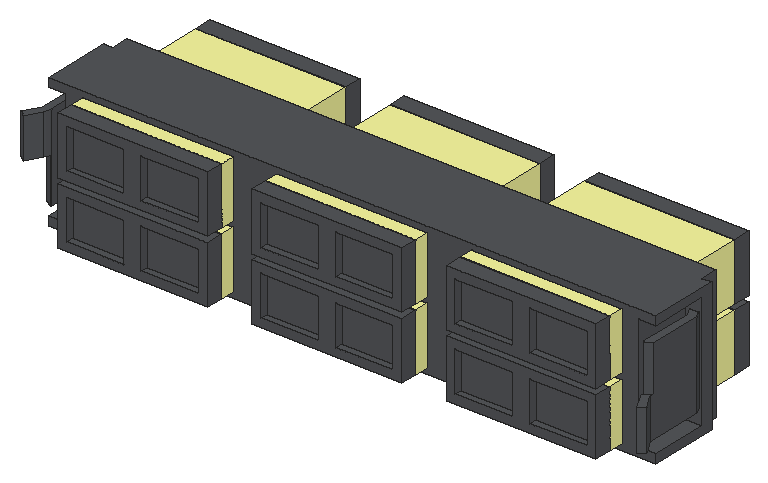
Revit family "SC Duplex 12 fibras", category Installations électriques, Revit 2020
Family settings
  Conserver l'orientation des annotations = Non
  Cote de connecteur circulaire = Utiliser le diamètre
  Type d'élément = Normal
  Basée sur le plan de construction = Non
  Toujours verticalement = Oui
  Couper avec des vides une fois chargée = Non
  Partagée = Non
  Point de calcul de pièce = Non
Parameters (values of type "Panel de adaptadores SC Duplex 12 fibras multimodal")
  Tipo de la fibra óptica = "Mutlimodal"
  Tipo de conector interno = "SC_DUPLEX"
  Tipo de conector externo = "SC_DUPLEX"
  Temperatura operativa = "-10°C à 60°C"
  Temperatura de almacenamiento = "-10°C à 60°C"
  Profundidad = 33.3 mm
  Número de pieza Legrand = "032121"
  Número de conectores = 12
  Numero RAL = "9017"
  IP = "IP20"
  IK = "IK04"
  Función = "Paneles de interconexión con optical conector Legrand"
  Formulación BIM = "Panel de adaptadores SC Duplex 12 fibras multimodal"
  Elévation par défaut = 0 mm
  EAN = "3414970961839"
  E-catalogo enlace = "https://www.legrand.fr/reference/032121/pro"
  Color de los conectores = IDS_JAUNE
  Color = IDS_NOIR
  Clasificación ETIM = "EC001130"
  Anchura de los conectores = 26 mm
  Anchura de la apertura = 6 mm
  Anchura (mm) = 108.8 mm
  Altura de los conectores = 10 mm
  Altura de la apertura = 1 mm
  Altura = 23 mm
Types (2, lengths in mm): name | Tipo de la fibra óptica | Número de pieza Legrand | Formulación BIM | EAN | E-catalogo enlace | Color de los conectores
  Panel de adaptadores SC Duplex 12 fibras multimodal | "Mutlimodal" | "032121" | "Panel de adaptadores SC Duplex 12 fibras multimodal" | "3414970961839" | "https://www.legrand.fr/reference/032121/pro" | IDS_JAUNE
  Panel de adaptadores SC Duplex 12 fibras monomodal | "unimodal" | "032111" | "Panel de adaptadores SC Duplex 12 fibras monomodal" | "3414970961679" | "https://www.legrand.fr/reference/032111/pro" | IDS_BLEU
Reference planes
  plane 1 "Centre (avant/arrière)": y = 0
  plane 2: z = 0
  plane 3 "Centre (gauche/droite)": x = 0
  plane 4 "Clip bas": z = 4
  plane 5 "Clip haut": z = 19
  plane 6: x = 105.5
  plane 7: x = 52.75
  plane 8: through (0.797, -2.504, 1200) normal (-0.866, 0.5, 0)
  plane 9: z = 1
  plane 10: z = 11
  plane 11: z = 12
  plane 12: z = 22
  plane 13: x = 6
  plane 14: x = 32
  plane 15: z = 23
  plane 16: x = 39.75
  plane 17: x = 65.75
  plane 18: x = 73.5
  plane 19: x = 99.5
  plane 20: y = -2.5
  plane 21: y = 24.5
  plane 22: y = 11
Forms (mm)
  Extrusion 1, solid, material "IDS_NOIR"
    sketch origin (0, 0, 0) x (1, 0, 0) y (0, 1, 0)
      loop
        line (0, 0) -> (105.5, 0) -> (105.5, 12) -> (103.9, 12) -> (103.9, 15) -> (1.6, 15) -> (1.6, 12) -> (0, 12) -> (0, 0)
    from 0 to 23
  Extrusion 2, void
    sketch origin (0, 0, 0) x (-1, 0, 0) y (0, 0, 1)
      loop
        line (0, 21.5) -> (-3, 21.5) -> (-3, 1.5) -> (0, 1.5) -> (0, 21.5)
      loop
        line (-105.5, 21.5) -> (-105.5, 1.5) -> (-102.5, 1.5) -> (-102.5, 21.5) -> (-105.5, 21.5)
    from 0 to 10
  Extrusion 3, solid, material "IDS_NOIR"
    sketch origin (0, 25.162, 4) x (0, 1, 0) y (-1, 0, 0)
      loop
        line (-29.912, 0.5) -> (-27.374, -0.965)
        arc (-27.374, -0.965) -> (-26.771, -1.215) -> (-26.124, -1.3) r 2.5
        line (-26.124, -1.3) -> (-16.662, -1.3) -> (-15.162, -2.166) -> (-15.162, -0.665) -> (-16.313, 0) -> (-26.446, 0) -> (-29.262, 1.626) -> (-29.912, 0.5)
      loop
        line (-29.912, -106) -> (-29.262, -107.126) -> (-26.446, -105.5) -> (-16.313, -105.5) -> (-15.162, -104.835) -> (-15.162, -103.334) -> (-16.662, -104.2) -> (-26.124, -104.2)
        arc (-26.124, -104.2) -> (-26.771, -104.285) -> (-27.374, -104.535) r 2.5
        line (-27.374, -104.535) -> (-29.912, -106)
    from 0 to 15
  Extrusion 4, void
    sketch origin (0.797, -2.504, 1200) x (0.5, 0.866025, 0) y (0, 0, 1)
      loop
        line (-2.593, -1196) -> (1.407, -1196) -> (1.407, -1188) -> (-2.593, -1188) -> (-2.593, -1196)
    from 0 to -2.615
  Extrusion 5, void
    sketch origin (104.703, -2.504, 1200) x (-0.5, 0.866025, 0) y (0, 0, -1)
      loop
        line (-2.593, 1181) -> (1.407, 1181) -> (1.407, 1189) -> (-2.593, 1189) -> (-2.593, 1181)
    from 0 to -2.615
  Extrusion 6, void
    sketch origin (2.941, 0, 0) x (-1, 0, 0) y (0, 0, 1)
      loop
        line (-3.059, 11) -> (-29.059, 11) -> (-29.059, 1) -> (-3.059, 1) -> (-3.059, 11)
      loop
        line (-36.809, 1) -> (-36.809, 11) -> (-62.809, 11) -> (-62.809, 1) -> (-36.809, 1)
      loop
        line (-70.559, 11) -> (-96.559, 11) -> (-96.559, 1) -> (-70.559, 1) -> (-70.559, 11)
    from 0 to 15
  Extrusion 7, void
    sketch origin (0, 0, 0) x (-1, 0, 0) y (0, 0, 1)
      loop
        line (-6, 12) -> (-6, 22) -> (-32, 22) -> (-32, 12) -> (-6, 12)
      loop
        line (-39.75, 12) -> (-39.75, 22) -> (-65.75, 22) -> (-65.75, 12) -> (-39.75, 12)
      loop
        line (-73.5, 22) -> (-99.5, 22) -> (-99.5, 12) -> (-73.5, 12) -> (-73.5, 22)
    from 0 to 15
  Extrusion 8, solid, material "IDS_JAUNE" <- "Color de los conectores"
    sketch origin (3.409, -2.5, 1200) x (-1, 0, 0) y (0, 0, 1)
      loop
        line (-2.591, -1189) -> (-28.591, -1189) -> (-28.591, -1199) -> (-2.591, -1199) -> (-2.591, -1189)
      loop
        line (-2.591, -1178) -> (-28.591, -1178) -> (-28.591, -1188) -> (-2.591, -1188) -> (-2.591, -1178)
      loop
        line (-36.341, -1188) -> (-36.341, -1178) -> (-62.341, -1178) -> (-62.341, -1188) -> (-36.341, -1188)
      loop
        line (-70.091, -1188) -> (-70.091, -1178) -> (-96.091, -1178) -> (-96.091, -1188) -> (-70.091, -1188)
      loop
        line (-70.091, -1189) -> (-96.091, -1189) -> (-96.091, -1199) -> (-70.091, -1199) -> (-70.091, -1189)
      loop
        line (-62.341, -1199) -> (-36.341, -1199) -> (-36.341, -1189) -> (-62.341, -1189) -> (-62.341, -1199)
    from 0 to 27
  Extrusion 9, solid, material "IDS_NOIR"
    sketch origin (3.409, -2.5, 1200) x (-1, 0, 0) y (0, 0, 1)
      loop
        line (-2.591, -1188) -> (-2.591, -1178) -> (-28.591, -1178) -> (-28.591, -1188) -> (-2.591, -1188)
      loop
        line (-2.591, -1189) -> (-28.591, -1189) -> (-28.591, -1199) -> (-2.591, -1199) -> (-2.591, -1189)
      loop
        line (-36.341, -1188) -> (-36.341, -1178) -> (-62.341, -1178) -> (-62.341, -1188) -> (-36.341, -1188)
      loop
        line (-36.341, -1189) -> (-62.341, -1189) -> (-62.341, -1199) -> (-36.341, -1199) -> (-36.341, -1189)
      loop
        line (-70.091, -1178) -> (-96.091, -1178) -> (-96.091, -1188) -> (-70.091, -1188) -> (-70.091, -1178)
      loop
        line (-70.091, -1189) -> (-96.091, -1189) -> (-96.091, -1199) -> (-70.091, -1199) -> (-70.091, -1189)
    from 0 to -3
  Extrusion 10, void
    sketch origin (3.409, -5.5, 1200) x (-1, 0, 0) y (0, 0, 1)
      loop
        line (-17.091, -1179.5) -> (-27.091, -1179.5) -> (-27.091, -1186.5) -> (-17.091, -1186.5) -> (-17.091, -1179.5)
      loop
        line (-4.091, -1186.5) -> (-4.091, -1179.5) -> (-14.091, -1179.5) -> (-14.091, -1186.5) -> (-4.091, -1186.5)
      loop
        line (-17.091, -1190.5) -> (-27.091, -1190.5) -> (-27.091, -1197.5) -> (-17.091, -1197.5) -> (-17.091, -1190.5)
      loop
        line (-4.091, -1197.5) -> (-4.091, -1190.5) -> (-14.091, -1190.5) -> (-14.091, -1197.5) -> (-4.091, -1197.5)
      loop
        line (-50.841, -1179.5) -> (-60.841, -1179.5) -> (-60.841, -1186.5) -> (-50.841, -1186.5) -> (-50.841, -1179.5)
      loop
        line (-37.841, -1186.5) -> (-37.841, -1179.5) -> (-47.841, -1179.5) -> (-47.841, -1186.5) -> (-37.841, -1186.5)
      loop
        line (-71.591, -1179.5) -> (-81.591, -1179.5) -> (-81.591, -1186.5) -> (-71.591, -1186.5) -> (-71.591, -1179.5)
      loop
        line (-94.591, -1186.5) -> (-84.591, -1186.5) -> (-84.591, -1179.5) -> (-94.591, -1179.5) -> (-94.591, -1186.5)
      loop
        line (-81.591, -1190.5) -> (-81.591, -1197.5) -> (-71.591, -1197.5) -> (-71.591, -1190.5) -> (-81.591, -1190.5)
      loop
        line (-94.591, -1197.5) -> (-84.591, -1197.5) -> (-84.591, -1190.5) -> (-94.591, -1190.5) -> (-94.591, -1197.5)
      loop
        line (-60.841, -1190.5) -> (-60.841, -1197.5) -> (-50.841, -1197.5) -> (-50.841, -1190.5) -> (-60.841, -1190.5)
      loop
        line (-37.841, -1190.5) -> (-47.841, -1190.5) -> (-47.841, -1197.5) -> (-37.841, -1197.5) -> (-37.841, -1190.5)
    from 0 to 1.3
  Extrusion 11, solid, material "IDS_NOIR"
    sketch origin (3.409, 24.5, 1200) x (-1, 0, 0) y (0, 0, -1)
      loop
        line (-2.591, 1188) -> (-28.591, 1188) -> (-28.591, 1178) -> (-2.591, 1178) -> (-2.591, 1188)
      loop
        line (-2.591, 1189) -> (-2.591, 1199) -> (-28.591, 1199) -> (-28.591, 1189) -> (-2.591, 1189)
      loop
        line (-36.341, 1188) -> (-62.341, 1188) -> (-62.341, 1178) -> (-36.341, 1178) -> (-36.341, 1188)
      loop
        line (-36.341, 1189) -> (-36.341, 1199) -> (-62.341, 1199) -> (-62.341, 1189) -> (-36.341, 1189)
      loop
        line (-70.091, 1178) -> (-70.091, 1188) -> (-96.091, 1188) -> (-96.091, 1178) -> (-70.091, 1178)
      loop
        line (-70.091, 1189) -> (-70.091, 1199) -> (-96.091, 1199) -> (-96.091, 1189) -> (-70.091, 1189)
    from 0 to -3
  Extrusion 12, void
    sketch origin (3.409, 27.5, 1200) x (-1, 0, 0) y (0, 0, -1)
      loop
        line (-17.091, 1179.5) -> (-17.091, 1186.5) -> (-27.091, 1186.5) -> (-27.091, 1179.5) -> (-17.091, 1179.5)
      loop
        line (-4.091, 1186.5) -> (-14.091, 1186.5) -> (-14.091, 1179.5) -> (-4.091, 1179.5) -> (-4.091, 1186.5)
      loop
        line (-17.091, 1190.5) -> (-17.091, 1197.5) -> (-27.091, 1197.5) -> (-27.091, 1190.5) -> (-17.091, 1190.5)
      loop
        line (-4.091, 1197.5) -> (-14.091, 1197.5) -> (-14.091, 1190.5) -> (-4.091, 1190.5) -> (-4.091, 1197.5)
      loop
        line (-50.841, 1179.5) -> (-50.841, 1186.5) -> (-60.841, 1186.5) -> (-60.841, 1179.5) -> (-50.841, 1179.5)
      loop
        line (-37.841, 1186.5) -> (-47.841, 1186.5) -> (-47.841, 1179.5) -> (-37.841, 1179.5) -> (-37.841, 1186.5)
      loop
        line (-71.591, 1179.5) -> (-71.591, 1186.5) -> (-81.591, 1186.5) -> (-81.591, 1179.5) -> (-71.591, 1179.5)
      loop
        line (-94.591, 1186.5) -> (-94.591, 1179.5) -> (-84.591, 1179.5) -> (-84.591, 1186.5) -> (-94.591, 1186.5)
      loop
        line (-81.591, 1190.5) -> (-71.591, 1190.5) -> (-71.591, 1197.5) -> (-81.591, 1197.5) -> (-81.591, 1190.5)
      loop
        line (-94.591, 1197.5) -> (-94.591, 1190.5) -> (-84.591, 1190.5) -> (-84.591, 1197.5) -> (-94.591, 1197.5)
      loop
        line (-60.841, 1190.5) -> (-50.841, 1190.5) -> (-50.841, 1197.5) -> (-60.841, 1197.5) -> (-60.841, 1190.5)
      loop
        line (-37.841, 1190.5) -> (-37.841, 1197.5) -> (-47.841, 1197.5) -> (-47.841, 1190.5) -> (-37.841, 1190.5)
    from 0 to 1.3
Cuts and joins
  Extrusion 2, Extrusion 6, Extrusion 7 cuts Extrusion 1
  Extrusion 4, Extrusion 5 cuts Extrusion 3
  Extrusion 10, Extrusion 12 cuts Extrusion 9
  Extrusion 12 cuts Extrusion 11
Dimensions and locks
  locked: plane 1 "Centre (avant/arrière)" to Extrusion 1 sketch curve at 15
  locked: Extrusion 1 sketch curve to Extrusion 1 sketch curve at 105.5
  locked: Extrusion 1 sketch curve to Extrusion 1 sketch curve at 1.6  (x2)
  locked: Extrusion 1 sketch curve to Extrusion 1 sketch curve at 12
  locked: Extrusion 2 sketch curve to level at 1.5
  locked: Extrusion 1 to Extrusion 2 sketch curve at 1.5
  locked: Extrusion 2 sketch curve to plane 3 "Centre (gauche/droite)" at 3
  locked: Extrusion 2 sketch curve to Extrusion 1 at 3
  plane 4 "Clip bas" to level = 4 mm
  cut or joined group of Extrusion 1, Extrusion 2, Extrusion 6, Extrusion 7 to plane 5 "Clip haut" = 4 mm
  locked: Extrusion 3 sketch curve to plane 3 "Centre (gauche/droite)" at 0.5
  locked: Extrusion 3 sketch curve to plane 1 "Centre (avant/arrière)" at 4.75
  locked: plane 3 "Centre (gauche/droite)" to Extrusion 3 sketch curve at 1.3
  plane 1 "Centre (avant/arrière)" to Extrusion 3 sketch curve = 8.5 mm
  equal spacing: plane 3 "Centre (gauche/droite)", plane 7, plane 6, locked at 52.75 each
  locked: Extrusion 3 to Extrusion 4 sketch curve at 4
  locked: Extrusion 3 to Extrusion 4 sketch curve at 8
  cut or joined group of Extrusion 3, Extrusion 4, Extrusion 5 to Extrusion 5 sketch curve = 8 mm
  Extrusion 5 sketch curve to cut or joined group of Extrusion 3, Extrusion 4, Extrusion 5 = 4 mm
  "Altura de la apertura": plane 9 to level
  "Altura de los conectores": plane 10 to plane 9
  "Altura de los conectores": plane 12 to plane 11
  "Anchura de la apertura": plane 13 to plane 3 "Centre (gauche/droite)"
  "Anchura de los conectores": plane 13 to plane 14
  locked: plane 15 to level at 23
  "Altura de la apertura": plane 15 to plane 12
  "Anchura de los conectores": plane 16 to plane 17
  plane 14 to plane 16 = 7.75 mm
  plane 17 to plane 18 = 7.75 mm
  "Anchura de los conectores": plane 18 to plane 19
  locked: plane 20 to cut or joined group of Extrusion 1, Extrusion 2, Extrusion 6, Extrusion 7 at 2.5
  locked: plane 21 to cut or joined group of Extrusion 1, Extrusion 2, Extrusion 6, Extrusion 7 at 9.5
  equal spacing: plane 21, plane 22, plane 20, locked at 13.5 each
  locked: cut or joined group of Extrusion 1, Extrusion 2, Extrusion 6, Extrusion 7 to Extrusion 3 sketch curve (angle 60.00°)
  aligned and locked: level to plane 2
  aligned and locked: plane 5 "Clip haut" to Extrusion 3
  aligned and locked: Extrusion 3 to plane 4 "Clip bas"
  aligned and locked: plane 6 to cut or joined group of Extrusion 1, Extrusion 2, Extrusion 6, Extrusion 7
  aligned and locked: Extrusion 4 sketch curve to Extrusion 3
  aligned and locked: Extrusion 3 to Extrusion 4 sketch curve
  aligned and locked: plane 8 to Extrusion 3
  aligned and locked: Extrusion 5 sketch curve to cut or joined group of Extrusion 3, Extrusion 4, Extrusion 5
  aligned and locked: plane 15 to cut or joined group of Extrusion 1, Extrusion 2, Extrusion 6, Extrusion 7
  aligned and locked: Extrusion 6 to plane 9
  aligned and locked: plane 10 to Extrusion 6
  aligned and locked: plane 13 to Extrusion 6
  aligned and locked: Extrusion 6 to plane 14
  aligned and locked: plane 9 to Extrusion 6 sketch curve
  aligned and locked: Extrusion 6 sketch curve to plane 16
  aligned and locked: Extrusion 6 sketch curve to plane 10
  aligned and locked: Extrusion 6 sketch curve to plane 17
  aligned and locked: plane 10 to Extrusion 6 sketch curve
  aligned and locked: plane 18 to Extrusion 6 sketch curve
  aligned and locked: Extrusion 6 sketch curve to plane 9
  aligned and locked: plane 19 to Extrusion 6 sketch curve
  aligned and locked: plane 11 to Extrusion 7 sketch curve  (x2)
  aligned and locked: Extrusion 7 sketch curve to plane 12  (x2)
  aligned and locked: plane 14 to Extrusion 7 sketch curve
  aligned and locked: Extrusion 7 sketch curve to plane 13
  aligned and locked: Extrusion 7 sketch curve to plane 16
  aligned and locked: plane 17 to Extrusion 7 sketch curve
  aligned and locked: plane 12 to Extrusion 7 sketch curve
  aligned and locked: plane 18 to Extrusion 7 sketch curve
  aligned and locked: Extrusion 7 sketch curve to plane 11
  aligned and locked: plane 19 to Extrusion 7 sketch curve
  aligned and locked: Extrusion 1 to Extrusion 7
  aligned and locked: Extrusion 1 to Extrusion 6
  aligned and locked: Extrusion 8 sketch curve to cut or joined group of Extrusion 1, Extrusion 2, Extrusion 6, Extrusion 7  (x23)
  aligned and locked: plane 21 to Extrusion 8
  aligned and locked: Extrusion 9 sketch curve to Extrusion 8  (x24)
  aligned and locked: Extrusion 2 sketch curve to Extrusion 2 sketch curve  (x2)
Automatic sketch dimensions
  plane 1 "Centre (avant/arrière)" to Extrusion 1 sketch curve = 0 mm
  Extrusion 1 sketch curve to plane 3 "Centre (gauche/droite)" = 0 mm
  plane 22 to Extrusion 1 sketch curve = 1 mm
  Extrusion 3 sketch curve to plane 6 = 0 mm
  Extrusion 3 sketch curve to plane 3 "Centre (gauche/droite)" = 0 mm
  Extrusion 3 sketch curve to plane 6 = 0.5 mm
  Extrusion 3 sketch curve to plane 20 = 2.25 mm
  Extrusion 3 sketch curve to Extrusion 3 sketch curve = 0.65 mm  (x2)
  plane 20 to Extrusion 3 sketch curve = 0.288 mm  (x2)
  plane 20 to Extrusion 3 sketch curve = 1.216 mm
  plane 1 "Centre (avant/arrière)" to Extrusion 3 sketch curve = 0.962 mm  (x2)
  Extrusion 3 sketch curve to plane 22 = 2.5 mm
  Extrusion 3 sketch curve to Extrusion 3 sketch curve = 0.348 mm  (x2)
  Extrusion 3 sketch curve to plane 22 = 1 mm  (x2)
  Extrusion 3 sketch curve to plane 6 = 1.2 mm
  plane 6 to Extrusion 3 sketch curve = 0.665 mm
  Extrusion 3 sketch curve to Extrusion 3 sketch curve = 1.501 mm
  Extrusion 3 sketch curve to Extrusion 3 sketch curve = 0.866 mm
  plane 3 "Centre (gauche/droite)" to Extrusion 3 sketch curve = 0.665 mm
  Extrusion 5 sketch curve to Extrusion 5 sketch curve = 4 mm
  Extrusion 6 sketch curve to plane 9 = 0 mm
  Extrusion 6 sketch curve to plane 14 = 0 mm
  Extrusion 6 sketch curve to plane 10 = 0 mm
  plane 13 to Extrusion 6 sketch curve = 0 mm
  plane 17 to Extrusion 8 sketch curve = 0 mm
  Extrusion 9 to Extrusion 10 sketch curve = 1.5 mm  (x36)
  Extrusion 10 sketch curve to Extrusion 10 sketch curve = 10 mm  (x5)
  Extrusion 10 sketch curve to Extrusion 10 sketch curve = 0 mm
  Extrusion 10 sketch curve to Extrusion 10 sketch curve = 3 mm  (x6)
  Extrusion 11 sketch curve to plane 9 = 0 mm  (x3)
  Extrusion 11 sketch curve to plane 19 = 0 mm  (x2)
  Extrusion 11 sketch curve to plane 12 = 0 mm  (x3)
  plane 18 to Extrusion 11 sketch curve = 0 mm  (x2)
  Extrusion 11 sketch curve to plane 11 = 0 mm  (x3)
  plane 17 to Extrusion 11 sketch curve = 0 mm  (x2)
  plane 16 to Extrusion 11 sketch curve = 0 mm  (x2)
  plane 14 to Extrusion 11 sketch curve = 0 mm  (x2)
  plane 13 to Extrusion 11 sketch curve = 0 mm  (x2)
  Extrusion 11 sketch curve to plane 10 = 0 mm  (x3)
  Extrusion 11 to Extrusion 12 sketch curve = 1.5 mm  (x36)
  Extrusion 12 sketch curve to Extrusion 12 sketch curve = 10 mm  (x5)
  Extrusion 12 sketch curve to Extrusion 12 sketch curve = 0 mm
  Extrusion 12 sketch curve to Extrusion 12 sketch curve = 3 mm  (x6)
  plane 6 to Extrusion 2 sketch curve = 0 mm
  Extrusion 2 sketch curve to plane 3 "Centre (gauche/droite)" = 0 mm
